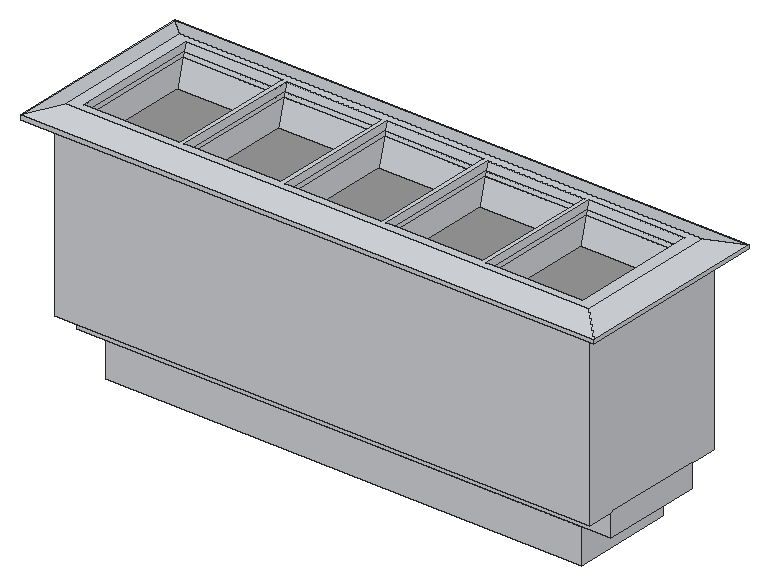
Revit family "2061152 Sylvania Lighting Fixture DOMINO 5xLED 930 WHITE MB TRIM WHITE", category Lighting Fixtures, host Face, Revit 2018
Family settings
  Host = Face
  Round Connector Dimension = Use Diameter
  Part Type = Normal
  OmniClass Number = 23.80.70.00
  OmniClass Title = Lighting
  Cut with Voids When Loaded = No
  Light Source = Yes
  Shared = No
  Room Calculation Point = No
Parameters (values of type "2061152 DOMINO 5XLED 930 WHITE MB TR WHT ")
  top top width = 15.812 mm
  top top length = 123 mm
  Width = 50 mm
  Weight = "n/a"
  Wattage Comments = ""
  Wattage = 9.2903 W
  WarrantyStartDate [instance] = "n/a"
  WarrantyGuarantorParts = "n/a"
  WarrantyDurationUnit = "n/a"
  WarrantyDurationParts = ""
  WarrantyDescription = "http://www.sylvania-lighting.com"
  built-in parameter 1150110 = 1 (stored number, unit not read)
  Voltage = 0 V
  URL = "0.6"
  TypeName = "DOMINO 5xLED 930 WHITE MB TRIM WHITE"
  Type Image = <None>
  Type Comments = "n/a"
  built-in parameter 1114217 = 1 (stored number, unit not read)
  Top Width = 26 mm
  Tilt Angle = 90.00°
  built-in parameter 1150109 = 1 (stored number, unit not read)
  built-in parameter 1150134 = 3
  built-in parameter 1150113 = 1 (stored number, unit not read)
  SerialNumber [instance] = "n/a"
  Recessed Width = 43 mm
  Recessed Length = 143 mm
  Photometric Web File = "2061152.ies"
  Material_3_FEILO = none
  PowerFactor = 0
  PowerConsumption = "Lighting"
  NominalLength = 50 mm
  NominalHeight = 0 mm
  NominalDepth = 0 mm
  Name = "DOMINO 5xLED 930 WHITE MB TRIM WHITE"
  ModelReference = Name  # "DOMINO 5xLED 930 WHITE MB TRIM WHITE"
  ModelNumber = "2061152"
  Model = Name  # "DOMINO 5xLED 930 WHITE MB TRIM WHITE"
  Material = "Feilo Sylvania"
  ManufacturerName = "70 lm/W"
  Manufacturer = ""
  LuminousEfficacy = ""
  built-in parameter 1150105 = 109.82 (stored number, unit not read)
  Lumens = 1380 lm
  LuminaireType = "0"
  built-in parameter 1150115 = 1 (stored number, unit not read)
  LightOutputRatio = "LED"
  built-in parameter 1150137 = (empty or 0)
  built-in parameter 1150139 = (empty or 0)
  Lens inside recess = 25 mm
  Lens Width = 32 mm
  Lens Outside recess = 31.978 mm
  Lens = Glass, White, High Luminance
  Length = 148 mm
  LampsType = Lamp  # "n/a"
  LampNominalLuminous = "3000 K"
  LampMacAdamStep = "90"
  LampColourTemperature = "LED"
  LampColourRenderingIndex = "16500"
  built-in parameter 1150112 = 1 (stored number, unit not read)
  built-in parameter 1150114 = 1 (stored number, unit not read)
  Lamp = "n/a"
  Keynote = "n/a"
  InstallationDate [instance] = "n/a"
  InputVoltage = "0"
  InputNominalFrequency = "3000"
  built-in parameter 1150132 = (empty or 0)
  built-in parameter 1150102 = (empty or 0)
  built-in parameter 1150107 = 3200 (stored number, unit not read)
  built-in parameter 1150138 = (empty or 0)
  IngressProtection = "IfcLightFixtureType"
  ImpactProtectionIndex = "IfcLightFixtureType"
  built-in parameter 1150106 = 1.0982 (stored number, unit not read)
  IfcExportType = "IfcLightFixtureType"
  IfcExportAs = "Class II"
  Facia internal width = 37 mm
  Facia internal length = 135 mm
  Facia Height = 2 mm
  ExpectedLife = 50000
  Emit from Circle Diameter = 609.6 mm
  Emit Shape Visible in Rendering = no
  ElectricShockClassification = "70"
  built-in parameter 1150104 = 13.8 (stored number, unit not read)
  DurationUnit = "hours"
  DocumentationLiterature = "http://www.sylvania-lighting.com/product/en-int/products/2061152"
  DimmingControlOptions = "n/a"
  Material_2_FEILO = none
  Dimming Lamp Color Temperature Shift = <None>
  Description = "Modular LED recessed linear spotlight, ideal for retail and hospitality applications. Die-cast aluminium body, passive cooling. Two levels of reflector installation, low glaring UGR<19. 5x LED source, 30° beam angle , optics: PMMA lens and polycarbonate reflector combination, White matt reflector finish. Light color temperature: 3000K warm white, total system power: 13W , total fixture lumen output: 900lm, efficacy: 70 lm/W, Ra90 typical, LED chromacity: 3 step MacAdam ellipse (SDCM3), lifespan: 96,000 hours at 90% of the original output (L90B10), IR/UV free light source without heat radiation, operating voltage: 220-240V / 50-60Hz, electronic driver, ultra low flicker, non-dimmable , electrical protection: Class II. Degree of Protection: IP40/IP20, suitable for indoor environment only. Ceiling cut-out: 43x43mm, outer dimensions:  150x50mm trim frame RAL 9016 - Traffic white / Bezel color.5 years Warranty."
  Default Elevation = 1219.2 mm
  CreatedOn = "10/02/2021"
  CreatedBy = "@sylvania-lighting.com"
  Cost = 0
  Color Filter = 16777215
  built-in parameter 1114216 [instance] = (empty or 0)
  ClassificationValue = "EF_70_80"
  ClassificationName = "Uniclass2015"
  Material_1_FEILO = none
  Body Width = 40 mm
  Body Length = 138 mm
  BarCode [instance] = "n/a"
  built-in parameter 1114218 = 1 (stored number, unit not read)
  built-in parameter 1150133 = 10 (stored number, unit not read)
  AssetType = "Fixed"
  AssetIdentifier [instance] = "n/a"
  Assembly Code = "D5020200"
  Apparent Load = 13 VA
  Material_4_FEILO = none
Reference planes
  plane 1 "Center (Front/Back)": y = 0
  plane 2: z = 0
  plane 3 "Center (Left/Right)": x = 0
  plane 4: z = 0
  plane 5: z = -7
  plane 6: z = -45.895
  plane 7: z = -51.895
  plane 8: z = -60.895
  plane 9: x = -71.5
  plane 10: x = 71.5
  plane 11: y = 21.5
  plane 12: y = -21.5
  plane 13: x = -74
  plane 14: x = 74
  plane 15: y = 25
  plane 16: y = -25
  plane 17: x = 67.5
  plane 18: x = -67.5
  plane 19: y = 18.5
  plane 20: y = -18.5
  plane 21: z = 2
  plane 22: x = -69
  plane 23: x = 69
  plane 24: y = 20
  plane 25: y = -20
  plane 26: y = 13
  plane 27: y = -13
  plane 28: x = 61.5
  plane 29: x = -61.5
  plane 30: x = -65.5
  plane 31: y = 16.5
  plane 32: y = -16.472
  plane 33: x = -40.5
  plane 34: x = -41
  plane 35: x = -65
  plane 36: y = 13
  plane 37: y = -12.972
  plane 38: x = -39.5
  plane 39: x = -14.48
  plane 40: x = -13.48
  plane 41: x = 11.52
  plane 42: x = 12.52
  plane 43: x = 37.52
  plane 44: x = 38.52
  plane 45: x = 64.5
Forms (mm)
  Extrusion 1, solid, not visible, detail levels medium+fine
    sketch origin (4.2, 0, 0) x (1, 0, 0) y (0, 1, 0)
      loop
        line (-29.2, 34.5) -> (-29.2, -34.5) -> (20.8, -34.5) -> (20.8, 34.5) -> (-29.2, 34.5)
    from 0 to 1
  Extrusion 2, solid, not visible, detail levels medium+fine
    sketch origin (4.044, 0, 0) x (1, 0, 0) y (0, 1, 0)
      loop
        line (-29.2, 34.5) -> (-29.2, -34.5) -> (20.8, -34.5) -> (20.8, 34.5) -> (-29.2, 34.5)
    from 0 to 1
  Blend 3, solid, not visible, detail levels medium+fine
    base sketch origin (4.2, 0, 0) x (1, 0, 0) y (0, 1, 0)
      loop
        line (-29.2, 34.5) -> (-29.2, -34.5) -> (20.8, -34.5) -> (20.8, 34.5) -> (-29.2, 34.5)
    top sketch origin (4.2, 0, 0) x (1, 0, 0) y (0, 1, 0)
      loop
        line (-21.7, 28) -> (-21.7, -28) -> (13.3, -28) -> (13.3, 28) -> (-21.7, 28)
    from 1 to 3
  Extrusion 4, solid, not visible, detail levels medium+fine
    sketch origin (3.419, 0, 0) x (1, 0, 0) y (0, 1, 0)
      loop
        line (-29.2, 34.5) -> (-29.2, -34.5) -> (20.8, -34.5) -> (20.8, 34.5) -> (-29.2, 34.5)
    from 0 to 1
  Blend 5, solid, not visible, detail levels medium+fine
    base sketch origin (3.575, 0, 0) x (1, 0, 0) y (0, 1, 0)
      loop
        line (-29.2, 34.5) -> (-29.2, -34.5) -> (20.8, -34.5) -> (20.8, 34.5) -> (-29.2, 34.5)
    top sketch origin (3.575, 0, 0) x (1, 0, 0) y (0, 1, 0)
      loop
        line (-21.7, 28) -> (-21.7, -28) -> (13.3, -28) -> (13.3, 28) -> (-21.7, 28)
    from 1 to 3
  Extrusion 6, solid, not visible, detail levels medium+fine
    sketch origin (4.247, 0, 0) x (1, 0, 0) y (0, 1, 0)
      loop
        line (-29.2, 34.5) -> (-29.2, -34.5) -> (20.8, -34.5) -> (20.8, 34.5) -> (-29.2, 34.5)
    from 0 to 1
  Blend 7, solid, not visible, detail levels medium+fine
    base sketch origin (4.403, 0, 0) x (1, 0, 0) y (0, 1, 0)
      loop
        line (-29.2, 34.5) -> (-29.2, -34.5) -> (20.8, -34.5) -> (20.8, 34.5) -> (-29.2, 34.5)
    top sketch origin (4.403, 0, 0) x (1, 0, 0) y (0, 1, 0)
      loop
        line (-21.7, 28) -> (-21.7, -28) -> (13.3, -28) -> (13.3, 28) -> (-21.7, 28)
    from 1 to 3
  Extrusion 8, void, detail levels medium+fine
    sketch origin (4.2, 0, 0) x (0, 1, 0) y (1, 0, 0)
      loop
        line (21.5, -75.7) -> (21.5, 67.3) -> (-21.5, 67.3) -> (-21.5, -75.7) -> (21.5, -75.7)
    from -9.934 to 83.097
  Extrusion 9, solid, detail levels medium+fine
    sketch origin (4.2, 0, 0) x (1, 0, 0) y (0, 1, 0)
      loop
        line (-78.2, 25) -> (-78.2, -25) -> (69.8, -25) -> (69.8, 25) -> (-78.2, 25)
    from 0 to 1
  Extrusion 10, solid, detail levels medium+fine
    sketch origin (4.2, 0, 0) x (1, 0, 0) y (0, 1, 0)
      loop
        line (-73.2, 20) -> (-73.2, -20) -> (64.8, -20) -> (64.8, 20) -> (-73.2, 20)
    from 0 to -45.895
  Extrusion 11, solid, detail levels medium+fine
    sketch origin (4.2, 0, 0) x (1, 0, 0) y (0, 1, 0)
      loop
        line (-73.2, 13) -> (-73.2, -13) -> (64.8, -13) -> (64.8, 13) -> (-73.2, 13)
    from -51.895 to -45.895
  Extrusion 12, solid, material "Glass, White, High Luminance" <- "Lens", detail levels fine
    sketch origin (11.874, 1219.733, 36.156) x (1, 0, 0) y (0, 1, 0)
      loop
        line (-75.883, -1206.7) -> (-75.883, -1232.733) -> (-51.887, -1232.733) -> (-51.887, -1206.7) -> (-75.883, -1206.7)
    from -43.156 to -42.182
  Blend 13, solid, detail levels medium+fine
    base sketch origin (4.2, 0, 0) x (1, 0, 0) y (0, 1, 0)
      loop
        line (-78.2, 25) -> (-78.2, -25) -> (69.8, -25) -> (69.8, 25) -> (-78.2, 25)
    top sketch origin (4.2, 0, 0) x (1, 0, 0) y (0, 1, 0)
      loop
        line (-71.7, 18.5) -> (-71.7, -18.5) -> (63.3, -18.5) -> (63.3, 18.5) -> (-71.7, 18.5)
    from 1 to 3
  Extrusion 14, solid, detail levels fine
    sketch origin (0, 0, 0) x (1, 0, 0) y (0, 0, 1)
      loop
        line (-61.5, -51.895) -> (-61.5, -60.895) -> (61.5, -60.895) -> (61.5, -51.895) -> (-61.5, -51.895)
    from -13 to 13
  Blend 15, void
    base sketch origin (5.187, 0, 0) x (0, 1, 0) y (-1, 0, 0)
      loop
        line (16.5, 69.7) -> (-16.472, 69.7) -> (-16.472, 44.7) -> (16.5, 44.7) -> (16.5, 69.7)
    top sketch origin (5.187, 0, 0) x (0, 1, 0) y (-1, 0, 0)
      loop
        line (13, 69.2) -> (-12.972, 69.2) -> (-12.972, 45.2) -> (13, 45.2) -> (13, 69.2)
    from 3 to -7
  Blend 16, void
    base sketch origin (31.202, 0, 0) x (0, 1, 0) y (-1, 0, 0)
      loop
        line (16.5, 69.7) -> (-16.472, 69.7) -> (-16.472, 44.7) -> (16.5, 44.7) -> (16.5, 69.7)
    top sketch origin (31.202, 0, 0) x (0, 1, 0) y (-1, 0, 0)
      loop
        line (13, 69.2) -> (-12.972, 69.2) -> (-12.972, 45.2) -> (13, 45.2) -> (13, 69.2)
    from 3 to -7
  Blend 17, void
    base sketch origin (57.213, -0.017, 0) x (0, 1, 0) y (-1, 0, 0)
      loop
        line (16.5, 69.7) -> (-16.472, 69.7) -> (-16.472, 44.7) -> (16.5, 44.7) -> (16.5, 69.7)
    top sketch origin (57.213, -0.017, 0) x (0, 1, 0) y (-1, 0, 0)
      loop
        line (13, 69.2) -> (-12.972, 69.2) -> (-12.972, 45.2) -> (13, 45.2) -> (13, 69.2)
    from 3 to -7
  Blend 18, void
    base sketch origin (83.222, 0, 0) x (0, 1, 0) y (-1, 0, 0)
      loop
        line (16.5, 69.7) -> (-16.472, 69.7) -> (-16.472, 44.7) -> (16.5, 44.7) -> (16.5, 69.7)
    top sketch origin (83.222, 0, 0) x (0, 1, 0) y (-1, 0, 0)
      loop
        line (13, 69.2) -> (-12.972, 69.2) -> (-12.972, 45.2) -> (13, 45.2) -> (13, 69.2)
    from 3 to -7
  Blend 19, void
    base sketch origin (109.202, 0, 0) x (0, 1, 0) y (-1, 0, 0)
      loop
        line (16.5, 69.7) -> (-16.472, 69.7) -> (-16.472, 44.7) -> (16.5, 44.7) -> (16.5, 69.7)
    top sketch origin (109.202, 0, 0) x (0, 1, 0) y (-1, 0, 0)
      loop
        line (13, 69.2) -> (-12.972, 69.2) -> (-12.972, 45.2) -> (13, 45.2) -> (13, 69.2)
    from 3 to -7
  Extrusion 20, solid, material "Glass, White, High Luminance" <- "Lens", detail levels fine
    sketch origin (37.889, 1219.733, 36.156) x (1, 0, 0) y (0, 1, 0)
      loop
        line (-75.883, -1206.7) -> (-75.883, -1232.733) -> (-51.887, -1232.733) -> (-51.887, -1206.7) -> (-75.883, -1206.7)
    from -43.156 to -42.182
  Extrusion 21, solid, material "Glass, White, High Luminance" <- "Lens", detail levels fine
    sketch origin (63.896, 1219.733, 36.156) x (1, 0, 0) y (0, 1, 0)
      loop
        line (-75.883, -1206.7) -> (-75.883, -1232.733) -> (-51.887, -1232.733) -> (-51.887, -1206.7) -> (-75.883, -1206.7)
    from -43.156 to -42.182
  Extrusion 22, solid, material "Glass, White, High Luminance" <- "Lens", detail levels fine
    sketch origin (89.905, 1219.733, 36.156) x (1, 0, 0) y (0, 1, 0)
      loop
        line (-75.883, -1206.7) -> (-75.883, -1232.733) -> (-51.887, -1232.733) -> (-51.887, -1206.7) -> (-75.883, -1206.7)
    from -43.156 to -42.182
  Extrusion 23, solid, material "Glass, White, High Luminance" <- "Lens", detail levels fine
    sketch origin (115.886, 1219.733, 36.156) x (1, 0, 0) y (0, 1, 0)
      loop
        line (-75.883, -1206.7) -> (-75.883, -1232.733) -> (-51.887, -1232.733) -> (-51.887, -1206.7) -> (-75.883, -1206.7)
    from -43.156 to -42.182
  Extrusion 24, solid, detail levels coarse
    sketch origin (4.2, 0, 0) x (1, 0, 0) y (0, 1, 0)
      loop
        line (-78.2, 25) -> (-78.2, -25) -> (69.8, -25) -> (69.8, 25) -> (-78.2, 25)
    from 3 to -60.895
Cuts and joins
  Blend 15, Blend 16, Blend 17, Blend 18, Blend 19 cuts Extrusion 9
  Blend 15, Blend 16, Blend 17, Blend 18, Blend 19 cuts Extrusion 10
  Blend 15, Blend 16, Blend 17, Blend 18, Blend 19 cuts Blend 13
Dimensions and locks
  "Recessed Length": plane 9 to plane 10
  equal spacing: plane 9, plane 3 "Center (Left/Right)", plane 10
  "Length": plane 13 to plane 14
  equal spacing: plane 13, plane 3 "Center (Left/Right)", plane 14
  "Recessed Width": plane 11 to plane 12
  equal spacing: plane 11, plane 1 "Center (Front/Back)", plane 12
  "Width": plane 15 to plane 16
  equal spacing: plane 15, plane 1 "Center (Front/Back)", plane 16
  "Facia internal length": plane 18 to plane 17
  equal spacing: plane 18, plane 3 "Center (Left/Right)", plane 17
  "Facia internal width": plane 19 to plane 20
  equal spacing: plane 19, plane 1 "Center (Front/Back)", plane 20
  "Facia Height": plane 21 to host face
  "Body Length": plane 22 to plane 23
  equal spacing: plane 22, plane 3 "Center (Left/Right)", plane 23
  "Body Width": plane 24 to plane 25
  equal spacing: plane 24, plane 1 "Center (Front/Back)", plane 25
  "Top Width": plane 26 to plane 27
  equal spacing: plane 26, plane 1 "Center (Front/Back)", plane 27
  "top top length": plane 29 to plane 28
  equal spacing: plane 29, plane 3 "Center (Left/Right)", plane 28  (x2)
  plane 28 to plane 29 = 123 mm
  equal spacing: plane 28, plane 3 "Center (Left/Right)", plane 29
  aligned and locked: plane 2 to host face
  aligned and locked: level to host face
  aligned and locked: Extrusion 11 to plane 7
  aligned and locked: Extrusion 10 to plane 6
  aligned and locked: Extrusion 12 to plane 5
Automatic sketch dimensions
  Extrusion 1 sketch curve to Extrusion 1 sketch curve = 50 mm
  Extrusion 1 sketch curve to Extrusion 1 sketch curve = 69 mm
  Extrusion 2 sketch curve to Extrusion 2 sketch curve = 50 mm
  Extrusion 2 sketch curve to Extrusion 2 sketch curve = 69 mm
  Blend 3 sketch curve to Blend 3 sketch curve = 50 mm
  Blend 3 sketch curve to Blend 3 sketch curve = 69 mm
  Blend 3 sketch curve to Blend 3 sketch curve = 35 mm
  Blend 3 sketch curve to Blend 3 sketch curve = 56 mm
  Extrusion 4 sketch curve to Extrusion 4 sketch curve = 50 mm
  Extrusion 4 sketch curve to Extrusion 4 sketch curve = 69 mm
  Blend 5 sketch curve to Blend 5 sketch curve = 50 mm
  Blend 5 sketch curve to Blend 5 sketch curve = 69 mm
  Blend 5 sketch curve to Blend 5 sketch curve = 35 mm
  Blend 5 sketch curve to Blend 5 sketch curve = 56 mm
  Extrusion 6 sketch curve to Extrusion 6 sketch curve = 50 mm
  Extrusion 6 sketch curve to Extrusion 6 sketch curve = 69 mm
  Blend 7 sketch curve to Blend 7 sketch curve = 50 mm
  Blend 7 sketch curve to Blend 7 sketch curve = 69 mm
  Blend 7 sketch curve to Blend 7 sketch curve = 35 mm
  Blend 7 sketch curve to Blend 7 sketch curve = 56 mm
  host sketch curve to host sketch curve = 2438.4 mm  (x2)
  Extrusion 8 sketch curve to plane 9 = 0 mm
  Extrusion 8 sketch curve to plane 12 = 0 mm
  Extrusion 8 sketch curve to plane 11 = 0 mm
  Extrusion 8 sketch curve to plane 10 = 0 mm
  Extrusion 9 sketch curve to plane 13 = 0 mm
  Extrusion 9 sketch curve to plane 14 = 0 mm
  Extrusion 9 sketch curve to plane 16 = 0 mm
  Extrusion 9 sketch curve to plane 15 = 0 mm
  Extrusion 10 sketch curve to plane 22 = 0 mm
  Extrusion 10 sketch curve to plane 23 = 0 mm
  Extrusion 10 sketch curve to plane 25 = 0 mm
  Extrusion 10 sketch curve to plane 24 = 0 mm
  Extrusion 11 sketch curve to plane 22 = 0 mm
  Extrusion 11 sketch curve to plane 23 = 0 mm
  Extrusion 11 sketch curve to plane 27 = 0 mm
  Extrusion 11 sketch curve to plane 26 = 0 mm
  Extrusion 12 sketch curve to plane 27 = 0 mm
  plane 35 to Extrusion 12 sketch curve = 0.991 mm
  plane 26 to Extrusion 12 sketch curve = 0.033 mm
  plane 33 to Extrusion 12 sketch curve = 0.487 mm
  Blend 13 sketch curve to plane 13 = 0 mm
  Blend 13 sketch curve to plane 14 = 0 mm
  Blend 13 sketch curve to plane 16 = 0 mm
  Blend 13 sketch curve to plane 15 = 0 mm
  Blend 13 sketch curve to plane 18 = 0 mm
  Blend 13 sketch curve to plane 17 = 0 mm
  Blend 13 sketch curve to plane 20 = 0 mm
  Blend 13 sketch curve to plane 19 = 0 mm
  Extrusion 14 sketch curve to plane 8 = 0 mm
  Extrusion 14 sketch curve to plane 29 = 0 mm
  Extrusion 14 sketch curve to plane 28 = 0 mm
  Extrusion 14 sketch curve to plane 7 = 0 mm
  Blend 15 sketch curve to plane 32 = 0 mm
  Blend 15 sketch curve to plane 31 = 0 mm
  Blend 15 sketch curve to plane 38 = 0.013 mm
  plane 35 to Blend 15 sketch curve = 0.487 mm
  Blend 15 sketch curve to plane 37 = 0 mm
  Blend 15 sketch curve to plane 26 = 0 mm
  plane 33 to Blend 15 sketch curve = 0.487 mm
  plane 35 to Blend 15 sketch curve = 0.987 mm
  Blend 16 sketch curve to plane 32 = 0 mm
  Blend 16 sketch curve to plane 31 = 0 mm
  Blend 16 sketch curve to plane 40 = 0.018 mm
  plane 38 to Blend 16 sketch curve = 1.002 mm
  Blend 16 sketch curve to plane 37 = 0 mm
  Blend 16 sketch curve to plane 26 = 0 mm
  plane 39 to Blend 16 sketch curve = 0.482 mm
  plane 38 to Blend 16 sketch curve = 1.502 mm
  Blend 17 sketch curve to plane 32 = 0.017 mm
  Blend 17 sketch curve to plane 31 = 0.017 mm
  Blend 17 sketch curve to plane 42 = 0.007 mm
  plane 40 to Blend 17 sketch curve = 0.993 mm
  plane 27 to Blend 17 sketch curve = 0.011 mm
  Blend 17 sketch curve to plane 26 = 0.017 mm
  plane 41 to Blend 17 sketch curve = 0.493 mm
  plane 40 to Blend 17 sketch curve = 1.493 mm
  plane 32 to Blend 18 sketch curve = 0 mm
  plane 31 to Blend 18 sketch curve = 0 mm
  plane 44 to Blend 18 sketch curve = 0.002 mm
  plane 42 to Blend 18 sketch curve = 1.002 mm
  plane 37 to Blend 18 sketch curve = 0 mm
  plane 26 to Blend 18 sketch curve = 0 mm
  Blend 18 sketch curve to plane 44 = 0.498 mm
  plane 42 to Blend 18 sketch curve = 1.502 mm
  Blend 19 sketch curve to plane 32 = 0 mm
  Blend 19 sketch curve to plane 31 = 0 mm
  plane 45 to Blend 19 sketch curve = 0.002 mm
  plane 44 to Blend 19 sketch curve = 0.982 mm
  Blend 19 sketch curve to plane 37 = 0 mm
  Blend 19 sketch curve to plane 26 = 0 mm
  Blend 19 sketch curve to plane 45 = 0.498 mm
  plane 44 to Blend 19 sketch curve = 1.482 mm
  Extrusion 20 sketch curve to plane 27 = 0 mm
  plane 38 to Extrusion 20 sketch curve = 1.506 mm
  plane 26 to Extrusion 20 sketch curve = 0.033 mm
  plane 39 to Extrusion 20 sketch curve = 0.482 mm
  Extrusion 21 sketch curve to plane 27 = 0 mm
  plane 40 to Extrusion 21 sketch curve = 1.493 mm
  plane 26 to Extrusion 21 sketch curve = 0.033 mm
  plane 41 to Extrusion 21 sketch curve = 0.49 mm
  Extrusion 22 sketch curve to plane 27 = 0 mm
  plane 42 to Extrusion 22 sketch curve = 1.502 mm
  plane 26 to Extrusion 22 sketch curve = 0.033 mm
  plane 43 to Extrusion 22 sketch curve = 0.498 mm
  Extrusion 23 sketch curve to plane 27 = 0 mm
  plane 44 to Extrusion 23 sketch curve = 1.482 mm
  plane 26 to Extrusion 23 sketch curve = 0.033 mm
  Extrusion 23 sketch curve to plane 45 = 0.501 mm
  Extrusion 24 sketch curve to plane 13 = 0 mm
  Extrusion 24 sketch curve to plane 14 = 0 mm
  Extrusion 24 sketch curve to plane 16 = 0 mm
  Extrusion 24 sketch curve to plane 15 = 0 mm
Connectors
  electrical at (0, 0, -60.895)
    settings: on Extrusion 14, index 1, voltage 0 V, apparent load 0 VA, apparent load phase1 0 VA, apparent load phase2 0 VA, apparent load phase3 0 VA, power factor 1, load classification "Other", number of poles 1, system type 31, power factor state 1, is connector primary yes, connector utility no, sub classification motor no, connector description ""
